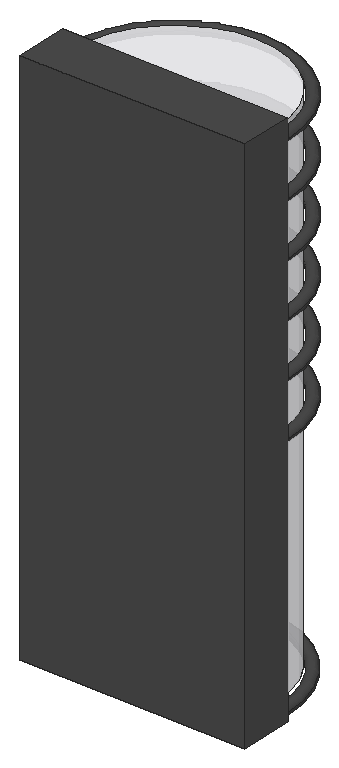
Revit family
Parameters (values of type "Biax 4-Pin 2 -  39W - 277V")
  Width = 0' - 8 3/8"
  Wet Location [instance] = yes
  Watts = 78 W
  Wattage = 38.373 W
  built-in parameter 1150110 = 1 (stored number, unit not read)
  Voltage = 277 V
  URL = "http://teronlighting.com/"
  built-in parameter 1114217 = 0.81 (stored number, unit not read)
  Tilt Angle = 0.00°
  built-in parameter 1150109 = 1 (stored number, unit not read)
  built-in parameter 1150134 = (empty or 0)
  built-in parameter 1150113 = 1 (stored number, unit not read)
  Requires Special Disposal = no
  Remote Battery [instance] = no
  Product Page URL = "http://teronlighting.com/royal-eb/"
  Product Documentation URL = "http://teronlighting.com/wp-content/uploads/Royal-EB.pdf"
  Product = "Royal EB"
  Point of Final Manufacture = "Fairfield, OH, USA"
  Photometric Web File = "generic.ies"
  Percentage Pre-Consumer = no
  Percentage Post-Consumer = no
  Number of Lamps = 2
  built-in parameter 1150142 = (empty or 0)
  Mounting Type = "4\" Junction Box"
  Model = "RL - EB - 139X"
  MasterFormat 2004 Title = "Exterior Lighting"
  MasterFormat 2004 Number = "26.56.00"
  Manufacturer Telephone = "01-513-858-6004"
  Manufacturer Email = "sales@teronlight.com"
  Manufacturer Address = "33 Donald Drive Fairfield, OH 45014"
  Manufacturer = "Teron Lighting"
  Lumens = 5700 lm
  built-in parameter 1150115 = 1 (stored number, unit not read)
  built-in parameter 1150105 = 453.59 (stored number, unit not read)
  built-in parameter 1150137 = (empty or 0)
  built-in parameter 1150139 = 0.81 (stored number, unit not read)
  Length = 1' - 8 1/8"
  built-in parameter 1150112 = 1 (stored number, unit not read)
  built-in parameter 1150114 = 1 (stored number, unit not read)
  Lamp Base = "4-Pin"
  Lamp = "2 - 39W Biax 4-Pin"
  Integral Battery [instance] = no
  built-in parameter 1150132 = 2
  built-in parameter 1150102 = (empty or 0)
  built-in parameter 1150138 = 4100 (stored number, unit not read)
  built-in parameter 1150107 = 4100 (stored number, unit not read)
  Industry Standards = "ETL, Buy America Act, Vandal Resistant"
  built-in parameter 1150106 = 4.5359 (stored number, unit not read)
  Fused [instance] = no
  Fixture Material = Paint - TLI - Textured Black
  Fixture = "Steel"
  Finish = "Textured Black"
  Emergency Light Fixture [instance] = no
  Electronic Ballast [instance] = yes
  built-in parameter 1150104 = 13.8 (stored number, unit not read)
  Distributor Locations = "USA, Canada, Puerto Rico"
  Dimming Lamp Color Temperature Shift = (empty or 0)
  Dimming Ballast [instance] = no
  Diffuser Material = Polycarbonate - TLI - Luminous White
  Diffuser = "Polycarbonate - Luminous White"
  Description = "Architectectural Outdoor"
  Depth = 0' - 6 1/8"
  Date Created = "8.1.2011"
  Created By = "RenderSpec  http://rederspec.com"
  Cost = 0
  Conditions of Use = "Elements are representations. Color and detail may differ from actual product. Information is for general use and should be reviewed by a Professional."
  Color Filter = 16777215
  built-in parameter 1114218 = 1 (stored number, unit not read)
  built-in parameter 1150133 = 10 (stored number, unit not read)
  Apparent Load = 78 VA
  Amps = Watts / Voltage / 1 A  # 0.28159
  ADA Compliant = no
Types (8): name | Watts | Wattage | Voltage | Model | Lumens | built-in parameter 1150105 | Lamp | built-in parameter 1150106 | Apparent Load | Amps
  QE 2 -  26W - 120V | 52 W | 24.2356 W | 120 V | "RL - EB - 226X" | 3600 lm | 286.48 (stored number, unit not read) | "2 - 26W QE" | 2.8648 (stored number, unit not read) | 52 VA | 0.43333
  QE 2 -  26W - 277V | 52 W | 24.2356 W | 277 V | "RL - EB - 226X" | 3600 lm | 286.48 (stored number, unit not read) | "2 - 26W QE" | 2.8648 (stored number, unit not read) | 52 VA | 0.18773
  TBX 2 -  32W - 120V | 64 W | 32.3141 W | 120 V | "RL - EB - 232X" | 4800 lm | 381.97 (stored number, unit not read) | "2 - 32W TBX" | 3.8197 (stored number, unit not read) | 64 VA | 0.53333
  TBX 2 -  32W - 277V | 64 W | 32.3141 W | 277 V | "RL - EB - 232X" | 4800 lm | 381.97 (stored number, unit not read) | "2 - 32W TBX" | 3.8197 (stored number, unit not read) | 64 VA | 0.23105
  Biax 4-Pin 2 -  27W - 120V | 54 W | 24.2356 W | 120 V | "RL - EB - 139X" | 3600 lm | 286.48 (stored number, unit not read) | "2 - 27W Biax 4-Pin" | 2.8648 (stored number, unit not read) | 54 VA | 0.45
  Biax 4-Pin 2 -  27W - 277V | 54 W | 24.2356 W | 277 V | "RL - EB - 139X" | 3600 lm | 286.48 (stored number, unit not read) | "2 - 27W Biax 4-Pin" | 2.8648 (stored number, unit not read) | 54 VA | 0.19495
  Biax 4-Pin 2 -  39W - 120V | 78 W | 38.373 W | 120 V | "RL - EB - 139X" | 5700 lm | 453.59 (stored number, unit not read) | "2 - 39W Biax 4-Pin" | 4.5359 (stored number, unit not read) | 78 VA | 0.65
  Biax 4-Pin 2 -  39W - 277V | 78 W | 38.373 W | 277 V | "RL - EB - 139X" | 5700 lm | 453.59 (stored number, unit not read) | "2 - 39W Biax 4-Pin" | 4.5359 (stored number, unit not read) | 78 VA | 0.28159
Reference planes (in)
  plane 1: y = 0
  plane 2 "Light Source Axis (L/R)": x = 4.92126
  plane 3 "Light Source Axis (F/R)": y = 4.95276
  plane 4 "Light Source Elevation": z = 60
  plane 5: y = 7.95276
  plane 6: y = 9.07776
  plane 7: y = 3.95276
  plane 8: z = 70.0625
  plane 9: z = 49.9375
  plane 10: z = 69.5625
  plane 11: z = 50.4375
  plane 12: x = 9.10876
  plane 13: x = 0.73376
  plane 14: x = 8.67126
  plane 15: x = 1.17126
  plane 16: z = 65.36285
  plane 17: z = 67.36285
  plane 18: z = 69.36285
  plane 19: z = 63.36285
  plane 20: z = 50.23708
  plane 21: z = 61.36285
  plane 22: z = 59.36285
Forms (in)
  Extrusion 1, solid, material "Paint - TLI - Textured Black" <- "Fixture Material"
    sketch origin (0, 0, 60) x (1, 0, 0) y (0, 1, 0)
      loop
        line (0.73376, 2.95276) -> (9.10876, 2.95276) -> (9.10876, 4.95276) -> (0.73376, 4.95276) -> (0.73376, 2.95276)
    from 10.0625 to -10.0625
  Extrusion 2, solid, material "Polycarbonate - TLI - Luminous White" <- "Diffuser Material"
    sketch origin (0, 0, 60) x (1, 0, 0) y (0, 1, 0)
      loop
        line (1.17126, 4.95276) -> (8.67126, 4.95276)
        arc (8.67126, 4.95276) -> (4.92126, 8.70276) -> (1.17126, 4.95276) r 3.75
    from 9.5625 to -9.5625
  Sweep 3, solid, material "Paint - TLI - Textured Black" <- "Fixture Material"
    path origin (0, 0, 69.86285) x (1, 0, 0) y (0, 1, 0)
      loop
        arc (8.92126, 4.95276) -> (4.92126, 8.95276) -> (0.92126, 4.95276) r 4
    profile origin (4.92126, 8.95276, 69.86285) x (0, -1, 0) y (0, 0, 1)
      loop
        circle (0, -0.5) r 0.2
  Sweep 4, solid, material "Paint - TLI - Textured Black" <- "Fixture Material"
    path origin (0, 0, 67.86285) x (1, 0, 0) y (0, 1, 0)
      loop
        arc (8.92126, 4.95276) -> (4.92126, 8.95276) -> (0.92126, 4.95276) r 4
    profile origin (4.92126, 8.95276, 67.86285) x (0, -1, 0) y (0, 0, 1)
      loop
        circle (0, -0.5) r 0.2
  Sweep 5, solid, material "Paint - TLI - Textured Black" <- "Fixture Material"
    path origin (0, 0, 65.86285) x (1, 0, 0) y (0, 1, 0)
      loop
        arc (8.92126, 4.95276) -> (4.92126, 8.95276) -> (0.92126, 4.95276) r 4
    profile origin (4.92126, 8.95276, 65.86285) x (0, -1, 0) y (0, 0, 1)
      loop
        circle (0, -0.5) r 0.2
  Sweep 6, solid, material "Paint - TLI - Textured Black" <- "Fixture Material"
    path origin (0, 0, 63.86285) x (1, 0, 0) y (0, 1, 0)
      loop
        arc (8.92126, 4.95276) -> (4.92126, 8.95276) -> (0.92126, 4.95276) r 4
    profile origin (4.92126, 8.95276, 63.86285) x (0, -1, 0) y (0, 0, 1)
      loop
        circle (0, -0.5) r 0.2
  Sweep 7, solid, material "Paint - TLI - Textured Black" <- "Fixture Material"
    path origin (-0.02201, 0, 50.73708) x (1, 0, 0) y (0, 1, 0)
      loop
        arc (8.92126, 4.95276) -> (4.92126, 8.95276) -> (0.92126, 4.95276) r 4
    profile origin (4.89925, 8.95276, 50.73708) x (0, -1, 0) y (0, 0, 1)
      loop
        circle (0, -0.5) r 0.2
  Sweep 8, solid, material "Paint - TLI - Textured Black" <- "Fixture Material"
    path origin (0, 0, 61.86285) x (1, 0, 0) y (0, 1, 0)
      loop
        arc (8.92126, 4.95276) -> (4.92126, 8.95276) -> (0.92126, 4.95276) r 4
    profile origin (4.92126, 8.95276, 61.86285) x (0, -1, 0) y (0, 0, 1)
      loop
        circle (0, -0.5) r 0.2
  Sweep 9, solid, material "Paint - TLI - Textured Black" <- "Fixture Material"
    path origin (0, 0, 59.86285) x (1, 0, 0) y (0, 1, 0)
      loop
        arc (8.92126, 4.95276) -> (4.92126, 8.95276) -> (0.92126, 4.95276) r 4
    profile origin (4.92126, 8.95276, 59.86285) x (0, -1, 0) y (0, 0, 1)
      loop
        circle (0, -0.5) r 0.2
Text (in)
  text "Placement side" at (-70.3598, 43.96769, 0), in view "Ref. Level"
  text "Placement side" at (0, 83.08644, 117.56134), in view "Left"
  text "Placement side" at (0, 24.74324, 118.58137), in view "Right"
Dimensions and locks (in)
  Extrusion 1 to Extrusion 1 = 0' - 2"
  host wall to plane 5 = 0' - 5"
  host wall to plane 6 = 0' - 6 1/8"
  "Depth": host wall to plane 6
  imposter light to host wall = 0' - 2"
  equal spacing: plane 9, plane 4 "Light Source Elevation", plane 8
  "Length": plane 9 to plane 8
  "Width": plane 12 to plane 13
  aligned and locked: plane 1 to host wall
  aligned and locked: plane 2 "Light Source Axis (L/R)" to imposter light
  aligned and locked: plane 3 "Light Source Axis (F/R)" to imposter light
  aligned and locked: plane 4 "Light Source Elevation" to imposter light
  aligned and locked: Extrusion 1 to plane 8
  aligned and locked: plane 9 to Extrusion 1
  aligned and locked: Extrusion 2 to plane 11
  aligned and locked: plane 10 to Extrusion 2
  aligned and locked: plane 16 to Sweep 5
  aligned and locked: plane 17 to Sweep 4
  aligned and locked: plane 18 to Sweep 3
  aligned and locked: plane 19 to Sweep 6
  aligned and locked: plane 20 to Sweep 7
  aligned and locked: plane 21 to Sweep 8
  aligned and locked: plane 22 to Sweep 9
  aligned and locked: nested 1 to host wall
Automatic sketch dimensions
  plane 3 "Light Source Axis (F/R)" to Extrusion 1 sketch curve = 0' - 0"
  Extrusion 1 sketch curve to plane 13 = 0' - 0"
  Extrusion 1 sketch curve to plane 12 = 0' - 0"
  Extrusion 1 sketch curve to host wall = 0' - 0"
  plane 3 "Light Source Axis (F/R)" to Extrusion 2 sketch curve = 0' - 0"
  Extrusion 2 sketch curve to plane 15 = 0' - 0"
  Extrusion 2 sketch curve to plane 2 "Light Source Axis (L/R)" = 0' - 0"
  plane 3 "Light Source Axis (F/R)" to Sweep 3 sketch curve = 0' - 0"
  Sweep 3 sketch curve to plane 2 "Light Source Axis (L/R)" = 0' - 0"
  plane 13 to Sweep 3 sketch curve = 0' - 0 3/16"
  Sweep 3 sketch curve to profile plane = 0' - 0"
  Sweep 3 sketch curve to profile plane = 0' - 0 1/2"
  plane 3 "Light Source Axis (F/R)" to Sweep 4 sketch curve = 0' - 0"
  Sweep 4 sketch curve to plane 2 "Light Source Axis (L/R)" = 0' - 0"
  plane 13 to Sweep 4 sketch curve = 0' - 0 3/16"
  Sweep 4 sketch curve to profile plane = 0' - 0"
  Sweep 4 sketch curve to profile plane = 0' - 0 1/2"
  plane 3 "Light Source Axis (F/R)" to Sweep 5 sketch curve = 0' - 0"
  Sweep 5 sketch curve to plane 2 "Light Source Axis (L/R)" = 0' - 0"
  plane 13 to Sweep 5 sketch curve = 0' - 0 3/16"
  Sweep 5 sketch curve to profile plane = 0' - 0"
  Sweep 5 sketch curve to profile plane = 0' - 0 1/2"
  plane 3 "Light Source Axis (F/R)" to Sweep 6 sketch curve = 0' - 0"
  Sweep 6 sketch curve to plane 2 "Light Source Axis (L/R)" = 0' - 0"
  plane 13 to Sweep 6 sketch curve = 0' - 0 3/16"
  Sweep 6 sketch curve to profile plane = 0' - 0"
  Sweep 6 sketch curve to profile plane = 0' - 0 1/2"
  plane 3 "Light Source Axis (F/R)" to Sweep 7 sketch curve = 0' - 0"
  plane 13 to Sweep 7 sketch curve = 0' - 0.16549"
  Sweep 7 sketch curve to plane 2 "Light Source Axis (L/R)" = 0' - 0.02201"
  Sweep 7 sketch curve to profile plane = 0' - 0"
  Sweep 7 sketch curve to profile plane = 0' - 0 1/2"
  plane 3 "Light Source Axis (F/R)" to Sweep 8 sketch curve = 0' - 0"
  Sweep 8 sketch curve to plane 2 "Light Source Axis (L/R)" = 0' - 0"
  plane 13 to Sweep 8 sketch curve = 0' - 0 3/16"
  Sweep 8 sketch curve to profile plane = 0' - 0"
  Sweep 8 sketch curve to profile plane = 0' - 0 1/2"
  plane 3 "Light Source Axis (F/R)" to Sweep 9 sketch curve = 0' - 0"
  Sweep 9 sketch curve to plane 2 "Light Source Axis (L/R)" = 0' - 0"
  plane 13 to Sweep 9 sketch curve = 0' - 0 3/16"
  Sweep 9 sketch curve to profile plane = 0' - 0"
  Sweep 9 sketch curve to profile plane = 0' - 0 1/2"
  radius of Sweep 3 sketch curve = 0' - 0.2"
  radius of Sweep 4 sketch curve = 0' - 0.2"
  radius of Sweep 5 sketch curve = 0' - 0.2"
  radius of Sweep 6 sketch curve = 0' - 0.2"
  radius of Sweep 7 sketch curve = 0' - 0.2"
  radius of Sweep 8 sketch curve = 0' - 0.2"
  radius of Sweep 9 sketch curve = 0' - 0.2"
Nested families (in)
  nested 1: "Wall Mounted Light Fixture" at (4.92126, 2.95276, 0), Emergency Light Fixture <- "Emergency Light Fixture", type "Wall Mounted Light Fixture"
    with Emergency Light Fixture no
Connectors (in)
  electrical at (4.92126, 2.95276, 60), driven by "Voltage", driven by "Apparent Load"
    settings: on Extrusion 1, index 1, voltage 277 V, apparent load 78 VA, apparent load phase1 0 VA, apparent load phase2 0 VA, apparent load phase3 0 VA, power factor 1, load classification "Other", number of poles 1, system type 30, power factor state 1, is connector primary yes, connector utility no, sub classification motor no, connector description ""
Definition of nested family "Wall Mounted Light Fixture"
  Parameters (values of type "Wall Mounted Light Fixture")
    Emergency Light Fixture [instance] = no
  Reference planes (in)
    plane 1: y = 0
    plane 2: x = 0
  Lines and regions (in)
    detail lines, built-in parameter 1006310 <- "Emergency Light Fixture"
      curve 1: circle (0, 0.125, 0) r 0.0625 normal (0, 0, 1)
    detail lines
      curve 2: line (-0.0625, 0, 0) -> (0.0625, 0, 0)
      curve 3: line (0, 0, 0) -> (0, 0.0625, 0)
